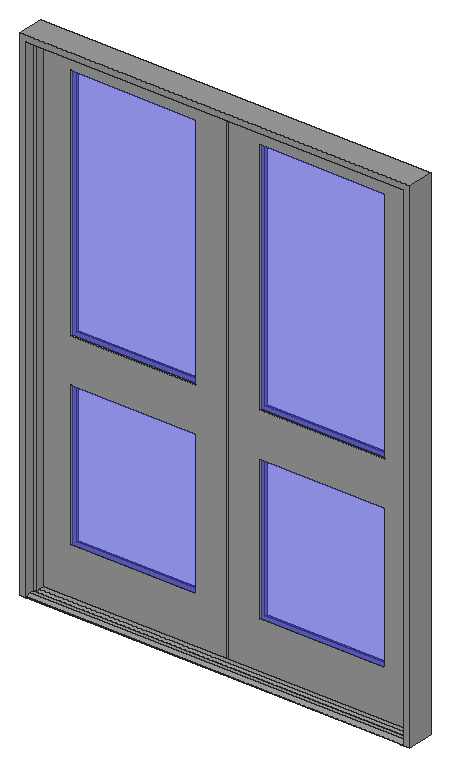
Revit family "WSD-500 DOOR-Double-1-PD-CW_v05", category Curtain Panels, Revit 2015
Parameters
  Width [instance] = 6' - 2"
  URL = "obe.com"
  Rough Width [instance] = 6' - 2 1/4"
  Panel Width [instance] = Min Panel Width  # 6' - 0"
  Panel Offset [instance] = 0' - 0"
  Offset [instance] = 0' - 1"
  Model = "WSD-500 DOOR"
  Min Rough Width [instance] = if(Rough Width > 6' 2 1/4", Rough Width, 6' 2 1/4")  # 6' - 2 1/4"
  Min Panel Width [instance] = if(Rough Width > 6' 2 1/4", Rough Width - 0' 2 1/4", 6' 0")  # 6' - 0"
  Manufacturer = "Oldcastle BuildingEnvelope®"
  Keynote = "08 11 00"
  Height [instance] = 8' - 0"
  Pushbar Height [instance] = 3' - 5 1/4"  # constant formula
  Glass Material = Glass
  Frame Material = Aluminum
  Door Panel Height [instance] = Height - 0' 0 3/4"  # 7' - 11 1/4"
  Description = "WSD-500 - 1\" Door Infill"
  Assembly Code = "B2030"
  Analytic Construction = "<None>"
  8 Muntin [instance] = not([6.5 Muntin])  # no
  6.5 Muntin [instance] = yes
Reference planes (in)
  plane 1 "Front": y = 0
  plane 2: z = 0
  plane 3 "Center (Left/Right)": x = 0
  plane 4 "Left": x = -37
  plane 5 "Right": x = 37
  plane 6 "Top": z = 96
  plane 7 "Offset": y = -1
  plane 8: y = -1.86965
  plane 9: y = -1.86965
  plane 10: x = -37.125
  plane 11: x = 37.125
Forms (in)
  Sweep 1, solid, material "Aluminum" <- "Frame Material"
    path origin (0, -1, 0) x (-1, 0, 0) y (0, 0, 1)
      loop
        line (37.125, 0) -> (37.125, 96)
    profile origin (-37.125, -1, 48) x (1, 0, 0) y (0, 1, 0)
      loop
        line (1.125, -1.8814) -> (1.125, 0) -> (0, 0) -> (0, -5) -> (1.125, -5) -> (1.125, -3.2564) -> (1.875, -3.2564) -> (1.875, -1.8814) -> (1.125, -1.8814)
  Sweep 2, solid, material "Aluminum" <- "Frame Material"
    path origin (0, -1, 0) x (-1, 0, 0) y (0, 0, 1)
      loop
        line (-37.125, 0) -> (-37.125, 96)
    profile origin (37.125, -1, 48) x (1, 0, 0) y (0, 1, 0)
      loop
        line (-1.125, -1.8814) -> (-1.875, -1.8814) -> (-1.875, -3.2564) -> (-1.125, -3.2564) -> (-1.125, -5) -> (0, -5) -> (0, 0) -> (-1.125, 0) -> (-1.125, -1.8814)
  Sweep 3, solid, material "Aluminum" <- "Frame Material"
    path origin (0, -1, 0) x (-1, 0, 0) y (0, 0, 1)
      loop
        line (-37.125, 96) -> (37.125, 96)
    profile origin (0, -1, 96) x (0, 0, 1) y (0, 1, 0)
      loop
        line (-1.125, 0) -> (-1.125, -1.875) -> (-1.625, -1.875) -> (-1.625, -3.24) -> (-1.125, -3.24) -> (-1.125, -5) -> (0, -5) -> (0, 0) -> (-1.125, 0)
Cuts and joins
  joined: Sweep 1, Sweep 2, Sweep 3
Text (in)
  text "Exterior" at (-54.29358, 31.38743, 0), in view "Ref. Level"
  text "Exterior" at (480, 41.53993, 89.60405), in view "Right"
  text "Exterior" at (-240, 57.82419, 105.78864), in view "Left"
Dimensions and locks (in)
  equal spacing: plane 4 "Left", plane 3 "Center (Left/Right)", plane 5 "Right"
  "Width": plane 4 "Left" to plane 5 "Right"
  "Height": plane 6 "Top" to plane 2
  "Offset": plane 1 "Front" to plane 7 "Offset"
  locked: plane 7 "Offset" to plane 8 at 0.86965
  locked: plane 7 "Offset" to plane 9 at 0.86965
  equal spacing: plane 10, plane 3 "Center (Left/Right)", plane 11
  "Min Rough Width": plane 10 to plane 11
  aligned and locked: level to plane 2
  aligned and locked: plane 6 "Top" to Sweep 1 sketch curve
  aligned and locked: level to Sweep 1 sketch curve
  aligned and locked: plane 6 "Top" to Sweep 2 sketch curve
  aligned and locked: level to Sweep 2 sketch curve
  aligned and locked: plane 3 "Center (Left/Right)" to nested 1
  aligned and locked: plane 6 "Top" to Sweep 3 sketch curve
  aligned and locked: Sweep 1 sketch curve to plane 10
  aligned and locked: plane 11 to Sweep 2 sketch curve
  aligned and locked: plane 11 to Sweep 3 sketch curve
  aligned and locked: plane 10 to Sweep 3 sketch curve
  aligned and locked: nested 1 to plane 7 "Offset"
Automatic sketch dimensions
  Sweep 1 sketch curve to profile plane = 0' - 0"
  Sweep 1 sketch curve to plane 7 "Offset" = 0' - 0"
  Sweep 1 sketch curve to profile plane = 0' - 1 1/8"  (x2)
  Sweep 1 sketch curve to Sweep 1 sketch curve = 0' - 0 3/4"
  Sweep 1 sketch curve to plane 7 "Offset" = 0' - 1.8814"
  Sweep 1 sketch curve to Sweep 1 sketch curve = 0' - 1 3/8"
  Sweep 1 sketch curve to Sweep 1 sketch curve = 0' - 1.7436"
  Sweep 2 sketch curve to plane 7 "Offset" = 0' - 0"
  Sweep 2 sketch curve to profile plane = 0' - 0"
  profile plane to Sweep 2 sketch curve = 0' - 1 1/8"
  Sweep 2 sketch curve to Sweep 2 sketch curve = 0' - 1 1/8"
  Sweep 2 sketch curve to Sweep 2 sketch curve = 0' - 0 3/4"
  Sweep 2 sketch curve to plane 7 "Offset" = 0' - 1.8814"
  Sweep 2 sketch curve to Sweep 2 sketch curve = 0' - 1 3/8"
  Sweep 2 sketch curve to Sweep 2 sketch curve = 0' - 1.7436"
  Sweep 3 sketch curve to plane 7 "Offset" = 0' - 0"
  profile plane to Sweep 3 sketch curve = 0' - 0"
  profile plane to Sweep 3 sketch curve = 0' - 1 1/8"
  Sweep 3 sketch curve to plane 7 "Offset" = 0' - 1 7/8"
  Sweep 3 sketch curve to Sweep 3 sketch curve = 0' - 0 1/2"  (x2)
  Sweep 3 sketch curve to Sweep 3 sketch curve = 0' - 1.365"
  Sweep 3 sketch curve to Sweep 3 sketch curve = 0' - 1.76"
Nested families (in)
  nested 1: "WSD-500 DOOR-Double-1-PD-Panel_v05" at (0, -16, 0), Frame Material <- "Frame Material", Glass Material <- "Glass Material", 6.5 Muntin <- "6.5 Muntin", 8 Muntin <- "8 Muntin", Height <- "Door Panel Height", Width <- "Min Panel Width", Offset <- "Offset", type "WSD-500 DOOR-Double-1-PD-Panel"
    with Wing Width 3' - 0", built-in parameter 1001301 6' - 0", Pushbar Height 3' - 5 1/4", Offset 0' - 1", built-in parameter 1001300 7' - 11 1/4", Glass at Muntin 0' - 6 15/16", Glass Material Glass, Frame Material Aluminum, 8 Muntin no, 6.5 Muntin yes
Definition of nested family "WSD-500 DOOR-Double-1-PD-Panel_v05"
  Parameters (values of type "WSD-500 DOOR-Double-1-PD-Panel")
    Wing Width [instance] = Width / 2  # 3' - 0"
    Width [instance] = 6' - 0"
    Pushbar Height [instance] = 3' - 5 1/4"  # constant formula
    Offset [instance] = 0' - 1"
    Height [instance] = 8' - 0"
    Glass at Muntin [instance] = if([6.5 Muntin], 0' 6 15/16", 0' 8 7/16")  # 0' - 6 15/16"
    Glass Material [instance] = none
    Frame Material [instance] = none
    Analytic Construction = "<None>"
    8 Muntin [instance] = not([6.5 Muntin])  # no
    6.5 Muntin [instance] = yes
  Reference planes (in)
    plane 1 "00": y = 13.90625
    plane 2: z = 0
    plane 3 "Center (Left/Right)": x = 0
    plane 4: z = 96
    plane 5: x = -36
    plane 6: x = 36
    plane 7 "Center (Front/Back)": y = 16
    plane 8 "Exterior": y = 14.40625
    plane 9: z = 48
    plane 10: z = 8.90625
    plane 11: z = 44.71875
    plane 12: z = 37.78125
    plane 13: z = 92.281
    plane 14: z = 0
    plane 15: x = -30.68725
    plane 16: x = 30.68725
    plane 17 "Offset": y = 15
    plane 18: z = 41.25
  Forms (in)
    Sweep 1, solid, material <- "Frame Material"
      path origin (0, 13.90625, 0) x (1, 0, 0) y (0, 0, 1)
        loop
          line (-35.79725, 96) -> (-0.22003, 96)
      profile origin (-18.00864, 13.90625, 96) x (0, 0, 1) y (0, -1, 0)
        loop
          line (-0.375, -0.957) -> (-0.375, 0.793) -> (-4.5, 0.793) -> (-4.5, 0.5) -> (-3.719, 0.5) -> (-3.719, -0.5) -> (-4.5, -0.5) -> (-4.5, -0.957) -> (-0.375, -0.957)
    Sweep 2, solid, material <- "Frame Material"
      path origin (0, 13.90625, 0) x (1, 0, 0) y (0, 0, 1)
        loop
          line (-0.22003, 0) -> (-35.79725, 0)
      profile origin (-18.00864, 13.90625, 0) x (0, 0, -1) y (0, -1, 0)
        loop
          line (-9.6875, 0.793) -> (-9.6875, 0.5) -> (-8.9065, 0.5) -> (-8.9065, -0.5) -> (-9.6875, -0.5) -> (-9.6875, -0.957) -> (-0.6875, -0.957) -> (-0.6875, 0.793) -> (-9.6875, 0.793)
    Sweep 3, solid, material <- "Frame Material"
      path origin (0, 13.90625, 0) x (1, 0, 0) y (0, 0, 1)
        loop
          line (36, 95.625) -> (36, 0.6875)
      profile origin (36, 13.90625, 48.15625) x (0, -1, 0) y (1, 0, 0)
        loop
          line (-0.957, -0.09375) -> (-0.957, -6.09375) -> (-0.5, -6.09375) -> (-0.5, -5.31275) -> (0.5, -5.31275) -> (0.5, -6.09375) -> (0.793, -6.09375) -> (0.793, -0.20275) -> (-0.957, -0.09375)
    Sweep 4, solid, material <- "Frame Material"
      path origin (0, 13.90625, 0) x (1, 0, 0) y (0, 0, 1)
        loop
          line (-36, 95.625) -> (-36, 0.6875)
      profile origin (-36, 13.90625, 48.15625) x (0, -1, 0) y (1, 0, 0)
        loop
          line (0.793, 6.09375) -> (0.5, 6.09375) -> (0.5, 5.31275) -> (-0.5, 5.31275) -> (-0.5, 6.09375) -> (-0.957, 6.09375) -> (-0.957, 0.09375) -> (0.793, 0.20275) -> (0.793, 6.09375)
    Sweep 5, solid, material <- "Frame Material"
      path origin (0, 13.90625, 0) x (1, 0, 0) y (0, 0, 1)
        loop
          line (-0.22003, 48) -> (-35.79725, 48)
      profile origin (-18.00864, 13.90625, 48) x (0, 0, -1) y (0, -1, 0)
        loop
          line (2.50025, -0.5) -> (2.50025, -0.957) -> (11.00025, -0.957) -> (11.00025, -0.5) -> (10.21875, -0.5) -> (10.21875, 0.5) -> (11.00025, 0.5) -> (11.00025, 0.793) -> (2.50025, 0.793) -> (2.50025, 0.5) -> (3.28125, 0.5) -> (3.28125, -0.5) -> (2.50025, -0.5)
    Sweep 6, solid, material <- "Frame Material"
      path origin (0, 13.90625, 0) x (1, 0, 0) y (0, 0, 1)
        loop
          line (0, 95.625) -> (0, 0.6875)
      profile origin (0, 13.90625, 48.15625) x (0, -1, 0) y (1, 0, 0)
        loop
          line (-0.957, -6.0625) -> (-0.5, -6.0625) -> (-0.5, -5.2815) -> (0.5, -5.2815) -> (0.5, -6.0625) -> (0.793, -6.0625) -> (0.793, -0.22003)
          arc (0.793, -0.22003) -> (-0.082, -0.06251) -> (-0.957, -0.22003) r 2.50889
          line (-0.957, -0.22003) -> (-0.957, -6.0625)
        loop
          line (0.793, 0.22063) -> (0.793, 6.0625) -> (0.5, 6.0625) -> (0.5, 5.2815) -> (-0.5, 5.2815) -> (-0.5, 6.0625) -> (-0.957, 6.0625) -> (-0.957, 0.22063)
          arc (-0.957, 0.22063) -> (-0.082, 0.06251) -> (0.793, 0.22063) r 2.5
    Sweep 7, solid, material <- "Frame Material"
      path origin (0, 13.90625, 0) x (1, 0, 0) y (0, 0, 1)
        loop
          line (0.22063, 96) -> (35.79725, 96)
      profile origin (18.00894, 13.90625, 96) x (0, 0, 1) y (0, -1, 0)
        loop
          line (-4.5, -0.957) -> (-0.375, -0.957) -> (-0.375, 0.793) -> (-4.5, 0.793) -> (-4.5, 0.5) -> (-3.719, 0.5) -> (-3.719, -0.5) -> (-4.5, -0.5) -> (-4.5, -0.957)
    Sweep 8, solid, material <- "Frame Material"
      path origin (0, 13.90625, 0) x (1, 0, 0) y (0, 0, 1)
        loop
          line (35.79725, 48) -> (0.22063, 48)
      profile origin (18.00894, 13.90625, 48) x (0, 0, -1) y (0, -1, 0)
        loop
          line (2.50025, 0.5) -> (3.28125, 0.5) -> (3.28125, -0.5) -> (2.50025, -0.5) -> (2.50025, -0.957) -> (11.00025, -0.957) -> (11.00025, -0.5) -> (10.21875, -0.5) -> (10.21875, 0.5) -> (11.00025, 0.5) -> (11.00025, 0.793) -> (2.50025, 0.793) -> (2.50025, 0.5)
    Sweep 9, solid, material <- "Frame Material"
      path origin (0, 13.90625, 0) x (1, 0, 0) y (0, 0, 1)
        loop
          line (35.79725, 0) -> (0.22063, 0)
      profile origin (18.00894, 13.90625, 0) x (0, 0, -1) y (0, -1, 0)
        loop
          line (-0.6875, -0.957) -> (-0.6875, 0.793) -> (-9.6875, 0.793) -> (-9.6875, 0.5) -> (-8.90625, 0.5) -> (-8.90625, -0.5) -> (-9.6875, -0.5) -> (-9.6875, -0.957) -> (-0.6875, -0.957)
    Extrusion 10, solid, material <- "Glass Material", detail levels coarse
      sketch origin (0, 0, 0) x (1, 0, 0) y (0, 1, 0)
        loop
          line (5.2815, 14.40625) -> (5.2815, 13.40625) -> (30.68725, 13.40625) -> (30.68725, 14.40625) -> (5.2815, 14.40625)
      from 37.78125 to 8.90625
    Extrusion 11, solid, material <- "Glass Material", detail levels medium+fine
      sketch origin (0, 0, 0) x (1, 0, 0) y (0, 1, 0)
        loop
          line (5.2815, 14.40625) -> (5.2815, 14.20625) -> (30.68725, 14.20625) -> (30.68725, 14.40625) -> (5.2815, 14.40625)
        loop
          line (30.68725, 13.83625) -> (5.2815, 13.83625) -> (5.2815, 13.63625) -> (30.68725, 13.63625) -> (30.68725, 13.83625)
        loop
          line (5.2815, 13.60625) -> (5.2815, 13.40625) -> (30.68725, 13.40625) -> (30.68725, 13.60625) -> (5.2815, 13.60625)
      from 8.90625 to 37.78125
    Extrusion 12, solid, material <- "Glass Material", detail levels medium+fine
      sketch origin (0, 0, 0) x (1, 0, 0) y (0, 1, 0)
        loop
          line (30.68725, 14.40625) -> (5.2815, 14.40625) -> (5.2815, 14.20625) -> (30.68725, 14.20625) -> (30.68725, 14.40625)
        loop
          line (5.2815, 13.83625) -> (5.2815, 13.63625) -> (30.68725, 13.63625) -> (30.68725, 13.83625) -> (5.2815, 13.83625)
        loop
          line (30.68725, 13.60625) -> (5.2815, 13.60625) -> (5.2815, 13.40625) -> (30.68725, 13.40625) -> (30.68725, 13.60625)
      from 44.71875 to 92.281
    Extrusion 13, solid, material <- "Glass Material", detail levels coarse
      sketch origin (0, 0, 0) x (1, 0, 0) y (0, 1, 0)
        loop
          line (5.2815, 14.40625) -> (5.2815, 13.40625) -> (30.68725, 13.40625) -> (30.68725, 14.40625) -> (5.2815, 14.40625)
      from 44.71875 to 92.281
    Extrusion 14, solid, material <- "Glass Material", detail levels medium+fine
      sketch origin (0, 0, 0) x (1, 0, 0) y (0, 1, 0)
        loop
          line (-5.2815, 14.40625) -> (-30.68725, 14.40625) -> (-30.68725, 14.1875) -> (-5.2815, 14.1875) -> (-5.2815, 14.40625)
        loop
          line (-30.68725, 13.83625) -> (-30.68725, 13.63625) -> (-5.2815, 13.63625) -> (-5.2815, 13.83625) -> (-30.68725, 13.83625)
        loop
          line (-5.2815, 13.60625) -> (-30.68725, 13.60625) -> (-30.68725, 13.40625) -> (-5.2815, 13.40625) -> (-5.2815, 13.60625)
      from 8.90625 to 37.78125
    Extrusion 15, solid, material <- "Glass Material", detail levels coarse
      sketch origin (0, 0, 0) x (1, 0, 0) y (0, 1, 0)
        loop
          line (-5.2815, 14.40625) -> (-30.68725, 14.40625) -> (-30.68725, 13.40625) -> (-5.2815, 13.40625) -> (-5.2815, 14.40625)
      from 44.71875 to 92.281
    Extrusion 16, solid, material <- "Glass Material", detail levels coarse
      sketch origin (0, 0, 0) x (1, 0, 0) y (0, 1, 0)
        loop
          line (-30.68725, 14.40625) -> (-30.68725, 13.40625) -> (-5.2815, 13.40625) -> (-5.2815, 14.40625) -> (-30.68725, 14.40625)
      from 8.90625 to 37.78125
    Extrusion 17, solid, material <- "Glass Material", detail levels medium+fine
      sketch origin (0, 0, 0) x (1, 0, 0) y (0, 1, 0)
        loop
          line (-30.68725, 13.40625) -> (-5.2815, 13.40625) -> (-5.2815, 13.60625) -> (-30.68725, 13.60625) -> (-30.68725, 13.40625)
        loop
          line (-5.2815, 13.63625) -> (-5.2815, 13.83625) -> (-30.68725, 13.83625) -> (-30.68725, 13.63625) -> (-5.2815, 13.63625)
        loop
          line (-30.68725, 14.20625) -> (-5.2815, 14.20625) -> (-5.2815, 14.40625) -> (-30.68725, 14.40625) -> (-30.68725, 14.20625)
      from 44.71875 to 92.281
    Sweep 18, solid, material <- "Frame Material"
      path origin (0, 15, 0) x (1, 0, 0) y (0, 0, 1)
        loop
          line (35.79725, 0) -> (-35.79725, 0)
      profile origin (0, 15, 0) x (0, 0, -1) y (0, -1, 0)
        loop
          line (-0.844, 2.90525) -> (-0.844, 1.91025) -> (-0.5, 1.91025) -> (-0.5, 0.13675) -> (-0.125, -0.61325) -> (0, -0.61325) -> (0, 5.01175) -> (-0.125, 5.01175) -> (-0.5, 4.26175) -> (-0.5, 3.39425) -> (-0.562, 3.39425) -> (-0.844, 2.90525)
  Cuts and joins
    joined: Sweep 1, Sweep 2, Sweep 3, Sweep 4, Sweep 5, Sweep 6, Sweep 7, Sweep 8, Sweep 9
  Lines and regions (in)
    model lines
      curve 1: line (4.59371, 14.40625, 91.871) -> (30.27725, 14.40625, 48)
      curve 2: line (30.27725, 14.40625, 48) -> (4.59371, 14.40625, 9.4375)
      curve 3: line (-4.5985, 14.40625, 91.88597) -> (-30.27725, 14.40625, 48)
      curve 4: line (-30.27725, 14.40625, 48) -> (-4.5985, 14.40625, 9.4375)
  Dimensions and locks (in)
    "Height": plane 4 to level
    equal spacing: plane 5, plane 3 "Center (Left/Right)", plane 6
    "Offset": plane 17 "Offset" to plane 7 "Center (Front/Back)"
    equal spacing: level, plane 9, plane 4
    locked: Sweep 4 sketch curve to plane 4 at 0.375
    equal spacing: plane 4, plane 9, plane 14
    locked: plane 4 to plane 13 at 3.719
    locked: plane 10 to plane 14 at 8.90625
    locked: plane 5 to plane 15 at 5.31275
    locked: plane 16 to plane 6 at 5.31275
    "Width": plane 5 to plane 6
    plane 1 "00" to plane 8 "Exterior" to plane 17 "Offset" = 0' - 0 1/2" locked, 0' - 0 19/32" locked
    locked: plane 12 to Sweep 8 sketch curve at 0.7815  (x2)
    locked: Sweep 8 sketch curve to plane 11 at 0.781
    locked: plane 11 to Sweep 8 sketch curve at 0.781
    locked: plane 12 to Sweep 5 sketch curve at 0.7815  (x2)
    locked: Sweep 5 sketch curve to plane 11 at 0.781  (x2)
    "Glass at Muntin": plane 11 to plane 12
    equal spacing: plane 11, plane 18, plane 12
    "Pushbar Height": plane 18 to plane 14
    Extrusion 12 sketch curve to Extrusion 12 sketch curve to Extrusion 12 sketch curve to Extrusion 12 sketch curve to Extrusion 12 sketch curve to Extrusion 12 sketch curve to plane 17 "Offset" = 0' - 0.2" locked, 0' - 0.03" locked, 0' - 0.2" locked, 0' - 0.37" locked, 0' - 0.2" locked, 0' - 0 19/32" locked
    Extrusion 13 sketch curve to Extrusion 13 sketch curve to plane 17 "Offset" = 0' - 1" locked, 0' - 0 19/32" locked
    Extrusion 11 sketch curve to Extrusion 11 sketch curve to Extrusion 11 sketch curve to Extrusion 11 sketch curve to Extrusion 11 sketch curve to Extrusion 11 sketch curve to plane 17 "Offset" = 0' - 0.2" locked, 0' - 0.03" locked, 0' - 0.2" locked, 0' - 0.37" locked, 0' - 0.2" locked, 0' - 0 19/32" locked
    Extrusion 10 sketch curve to Extrusion 10 sketch curve to plane 17 "Offset" = 0' - 1" locked, 0' - 0 19/32" locked
    Extrusion 14 sketch curve to Extrusion 14 sketch curve to Extrusion 14 sketch curve to Extrusion 14 sketch curve to Extrusion 14 sketch curve to Extrusion 14 sketch curve to plane 17 "Offset" = 0' - 0.2" locked, 0' - 0.03" locked, 0' - 0.2" locked, 0' - 0.35125" locked, 0' - 0 7/32" locked, 0' - 0 19/32" locked
    Extrusion 16 sketch curve to Extrusion 16 sketch curve to plane 17 "Offset" = 0' - 1" locked, 0' - 0 19/32" locked
    Extrusion 15 sketch curve to Extrusion 15 sketch curve to plane 17 "Offset" = 0' - 1" locked, 0' - 0 19/32" locked
    Extrusion 17 sketch curve to Extrusion 17 sketch curve to Extrusion 17 sketch curve to Extrusion 17 sketch curve to Extrusion 17 sketch curve to Extrusion 17 sketch curve to plane 17 "Offset" = 0' - 0.2" locked, 0' - 0.03" locked, 0' - 0.2" locked, 0' - 0.37" locked, 0' - 0.2" locked, 0' - 0 19/32" locked
    locked: plane 14 to Sweep 6 sketch curve at 0.6875
    locked: plane 14 to Sweep 4 sketch curve at 0.6875
    aligned and locked: plane 2 to level
    aligned and locked: Sweep 1 sketch curve to plane 4
    aligned and locked: Sweep 2 sketch curve to level
    aligned and locked: Sweep 5 sketch curve to plane 9
    aligned and locked: plane 3 "Center (Left/Right)" to Sweep 6 sketch curve
    aligned and locked: Sweep 9 sketch curve to level
    aligned and locked: Sweep 8 sketch curve to plane 9
    aligned and locked: plane 4 to Sweep 7 sketch curve
    aligned and locked: Extrusion 14 to plane 10
    aligned and locked: plane 12 to Extrusion 14
    aligned and locked: Extrusion 15 to plane 11
    aligned and locked: plane 13 to Extrusion 15
    aligned and locked: Extrusion 17 to plane 11
    aligned and locked: plane 13 to Extrusion 17
    aligned and locked: Extrusion 16 to plane 10
    aligned and locked: plane 12 to Extrusion 16
    aligned and locked: Extrusion 12 to plane 11
    aligned and locked: plane 13 to Extrusion 12
    aligned and locked: plane 13 to Extrusion 13
    aligned and locked: Extrusion 13 to plane 11
    aligned and locked: plane 12 to Extrusion 10
    aligned and locked: plane 12 to Extrusion 11
    aligned and locked: Extrusion 11 to plane 10
    aligned and locked: Extrusion 10 to plane 10
    aligned and locked: plane 9 to curve 4
    aligned and locked: Sweep 3 sketch curve to plane 6
    aligned and locked: Sweep 4 sketch curve to plane 5
    aligned and locked: Sweep 18 sketch curve to plane 14
    aligned and locked: Sweep 3 sketch curve to Sweep 3 sketch curve
    aligned and locked: curve 1 to Sweep 3 sketch curve
    aligned and locked: Sweep 4 sketch curve to Sweep 4 sketch curve
    aligned and locked: curve 3 to Sweep 4 sketch curve
    aligned and locked: Sweep 18 sketch curve to cut or joined group of Sweep 1, Sweep 2, Sweep 3, Sweep 4, Sweep 5, Sweep 6, Sweep 7, Sweep 8, Sweep 9
    aligned and locked: Sweep 7 sketch curve to cut or joined group of Sweep 1, Sweep 2, Sweep 3, Sweep 4, Sweep 5, Sweep 6, Sweep 7, Sweep 8, Sweep 9
    aligned and locked: Sweep 6 sketch curve to cut or joined group of Sweep 1, Sweep 2, Sweep 3, Sweep 4, Sweep 5, Sweep 6, Sweep 7, Sweep 8, Sweep 9
    aligned and locked: Extrusion 11 sketch curve to cut or joined group of Sweep 1, Sweep 2, Sweep 3, Sweep 4, Sweep 5, Sweep 6, Sweep 7, Sweep 8, Sweep 9
    aligned and locked: Extrusion 11 sketch curve to Extrusion 11 sketch curve  (x2)
    aligned and locked: Extrusion 10 sketch curve to cut or joined group of Sweep 1, Sweep 2, Sweep 3, Sweep 4, Sweep 5, Sweep 6, Sweep 7, Sweep 8, Sweep 9
    aligned and locked: Extrusion 13 sketch curve to cut or joined group of Sweep 1, Sweep 2, Sweep 3, Sweep 4, Sweep 5, Sweep 6, Sweep 7, Sweep 8, Sweep 9
    aligned and locked: cut or joined group of Sweep 1, Sweep 2, Sweep 3, Sweep 4, Sweep 5, Sweep 6, Sweep 7, Sweep 8, Sweep 9 to Extrusion 13 sketch curve
    aligned and locked: Extrusion 12 sketch curve to cut or joined group of Sweep 1, Sweep 2, Sweep 3, Sweep 4, Sweep 5, Sweep 6, Sweep 7, Sweep 8, Sweep 9
    aligned and locked: Extrusion 12 sketch curve to Extrusion 12 sketch curve
    aligned and locked: Extrusion 12 sketch curve to Extrusion 11  (x2)
    aligned and locked: Extrusion 17 sketch curve to cut or joined group of Sweep 1, Sweep 2, Sweep 3, Sweep 4, Sweep 5, Sweep 6, Sweep 7, Sweep 8, Sweep 9
    aligned and locked: Extrusion 17 sketch curve to Extrusion 17 sketch curve  (x2)
    aligned and locked: Extrusion 15 sketch curve to cut or joined group of Sweep 1, Sweep 2, Sweep 3, Sweep 4, Sweep 5, Sweep 6, Sweep 7, Sweep 8, Sweep 9
    aligned and locked: Extrusion 16 sketch curve to Extrusion 15
    aligned and locked: Extrusion 14 sketch curve to cut or joined group of Sweep 1, Sweep 2, Sweep 3, Sweep 4, Sweep 5, Sweep 6, Sweep 7, Sweep 8, Sweep 9
    aligned and locked: Extrusion 14 sketch curve to Extrusion 14 sketch curve  (x2)
  Automatic sketch dimensions
    curve 2 to plane 9 = 0' - 0"
    plane 15 to curve 3 = 0' - 0.41"
    plane 10 to curve 4 = 0' - 0 17/32"
    plane 10 to curve 2 = 0' - 0 17/32"
    curve 1 to plane 13 = 0' - 0.41"
    curve 3 to plane 13 = 0' - 0.39503"
    plane 16 to curve 2 = 0' - 0.41"
    curve 3 to plane 3 "Center (Left/Right)" = 0' - 4.5985"
    curve 4 to plane 3 "Center (Left/Right)" = 0' - 4.5985"
    plane 3 "Center (Left/Right)" to curve 2 = 0' - 4.59371"
    plane 3 "Center (Left/Right)" to curve 1 = 0' - 4.59371"
    Sweep 5 sketch curve to plane 1 "00" = 0' - 0.957"
    Sweep 5 sketch curve to plane 1 "00" = 0' - 0 1/2"  (x2)
    plane 1 "00" to Sweep 5 sketch curve = 0' - 0 1/2"  (x2)
    Sweep 5 sketch curve to Sweep 5 sketch curve = 0' - 0.7815"
    Sweep 5 sketch curve to Sweep 5 sketch curve = 0' - 0.781"
    Sweep 5 sketch curve to Sweep 5 sketch curve = 0' - 0.293"
    Sweep 6 sketch curve to plane 1 "00" = 0' - 0.957"
    Sweep 6 sketch curve to Sweep 6 sketch curve = 0' - 0"  (x2)
    Sweep 6 sketch curve to plane 1 "00" = 0' - 0 1/2"  (x2)
    Sweep 6 sketch curve to plane 1 "00" = 0' - 0.082"  (x2)
    plane 1 "00" to Sweep 6 sketch curve = 0' - 0 1/2"  (x2)
    profile plane to Sweep 6 sketch curve = 0' - 0.22003"
    plane 1 "00" to Sweep 6 sketch curve = 0' - 0.793"
    Sweep 6 sketch curve to profile plane = 0' - 0.22063"
    Sweep 6 sketch curve to Sweep 6 sketch curve = 0' - 2.35137"
    Sweep 6 sketch curve to Sweep 6 sketch curve = 0' - 2.7101"
    Sweep 6 sketch curve to Sweep 6 sketch curve = 0' - 0.781"  (x4)
    Sweep 6 sketch curve to Sweep 6 sketch curve = 0' - 2.34187"
    Sweep 6 sketch curve to Sweep 6 sketch curve = 0' - 2.71899"
    Sweep 9 sketch curve to plane 1 "00" = 0' - 0 1/2"
    Sweep 9 sketch curve to Sweep 9 sketch curve = 0' - 8 7/32"
    Sweep 9 sketch curve to Sweep 9 sketch curve = 0' - 0 25/32"  (x2)
    plane 1 "00" to Sweep 9 sketch curve = 0' - 0 1/2"
    Sweep 9 sketch curve to Sweep 9 sketch curve = 0' - 0.293"
    Sweep 1 sketch curve to plane 1 "00" = 0' - 0.957"
    profile plane to Sweep 1 sketch curve = 0' - 4 1/2"
    Sweep 1 sketch curve to Sweep 1 sketch curve = 0' - 0"
    Sweep 1 sketch curve to Sweep 1 sketch curve = 0' - 0.781"
    profile plane to Sweep 1 sketch curve = 0' - 0 3/8"
    Sweep 1 sketch curve to Sweep 1 sketch curve = 0' - 0.457"
    plane 1 "00" to Sweep 1 sketch curve = 0' - 0 1/2"
    plane 1 "00" to Sweep 1 sketch curve = 0' - 0.793"
    plane 1 "00" to Sweep 2 sketch curve = 0' - 0.793"
    Sweep 2 sketch curve to Sweep 2 sketch curve = 0' - 0"
    Sweep 2 sketch curve to Sweep 2 sketch curve = 0' - 0.457"
    Sweep 2 sketch curve to Sweep 2 sketch curve = 0' - 0.781"
    Sweep 2 sketch curve to Sweep 2 sketch curve = 0' - 0.293"
    Sweep 8 sketch curve to Sweep 8 sketch curve = 0' - 0.781"
    Sweep 8 sketch curve to Sweep 8 sketch curve = 0' - 0.7815"
    Sweep 8 sketch curve to plane 1 "00" = 0' - 0.957"
    Sweep 8 sketch curve to plane 1 "00" = 0' - 0 1/2"  (x2)
    plane 1 "00" to Sweep 8 sketch curve = 0' - 0 1/2"  (x2)
    Sweep 8 sketch curve to Sweep 8 sketch curve = 0' - 0.293"
    Sweep 2 sketch curve to plane 1 "00" = 0' - 0.957"
    profile plane to Sweep 2 sketch curve = 0' - 9 11/16"
    profile plane to Sweep 2 sketch curve = 0' - 0 11/16"
    profile plane to Sweep 9 sketch curve = 0' - 9 11/16"
    Sweep 9 sketch curve to plane 1 "00" = 0' - 0.957"
    Sweep 18 sketch curve to Sweep 18 sketch curve = 0' - 0.995"
    Sweep 18 sketch curve to Sweep 18 sketch curve = 0' - 0.489"
    Sweep 18 sketch curve to Sweep 18 sketch curve = 0' - 0.344"
    profile plane to Sweep 18 sketch curve = 0' - 0 1/2"  (x2)
    Sweep 18 sketch curve to Sweep 18 sketch curve = 0' - 1.7735"
    Sweep 18 sketch curve to Sweep 18 sketch curve = 0' - 0.8675"
    Sweep 18 sketch curve to profile plane = 0' - 0"
    plane 17 "Offset" to Sweep 18 sketch curve = 0' - 0.13675"
    profile plane to Sweep 18 sketch curve = 0' - 0 1/8"  (x2)
    Sweep 18 sketch curve to plane 17 "Offset" = 0' - 0.61325"
    Sweep 18 sketch curve to Sweep 18 sketch curve = 0' - 0 3/4"
    Sweep 18 sketch curve to Sweep 18 sketch curve = 0' - 0.062"
    profile plane to Sweep 3 sketch curve = 0' - 0 3/32"
    profile plane to Sweep 3 sketch curve = 0' - 0.20275"
    Sweep 4 sketch curve to Sweep 4 sketch curve = 0' - 0.293"
    plane 3 "Center (Left/Right)" to Sweep 9 sketch curve = 0' - 0.22063"
    Sweep 9 sketch curve to plane 6 = 0' - 0.20275"
    plane 3 "Center (Left/Right)" to Sweep 8 sketch curve = 0' - 0.22063"
    Sweep 8 sketch curve to plane 6 = 0' - 0.20275"
    plane 3 "Center (Left/Right)" to Sweep 7 sketch curve = 0' - 0.22063"
    Sweep 7 sketch curve to plane 6 = 0' - 0.20275"
    Sweep 7 sketch curve to plane 1 "00" = 0' - 0.957"
    profile plane to Sweep 7 sketch curve = 0' - 4 1/2"
    Sweep 7 sketch curve to Sweep 7 sketch curve = 0' - 0"
    Sweep 7 sketch curve to Sweep 7 sketch curve = 0' - 0.781"
    Sweep 7 sketch curve to Sweep 7 sketch curve = 0' - 0.457"
    plane 1 "00" to Sweep 7 sketch curve = 0' - 0 1/2"
    Sweep 7 sketch curve to Sweep 7 sketch curve = 0' - 0.293"
    level to Sweep 3 sketch curve = 0' - 0 11/16"
    Sweep 3 sketch curve to plane 4 = 0' - 0 3/8"
    plane 5 to Sweep 1 sketch curve = 0' - 0.20275"
    Sweep 1 sketch curve to plane 3 "Center (Left/Right)" = 0' - 0.22003"
    plane 5 to Sweep 18 sketch curve = 0' - 0.20275"
    plane 5 to Sweep 5 sketch curve = 0' - 0.20275"
    Sweep 5 sketch curve to plane 3 "Center (Left/Right)" = 0' - 0.22003"
    plane 5 to Sweep 2 sketch curve = 0' - 0.20275"
    Sweep 2 sketch curve to plane 3 "Center (Left/Right)" = 0' - 0.22003"
    plane 3 "Center (Left/Right)" to Extrusion 11 sketch curve = 0' - 5.2815"
    Extrusion 11 sketch curve to Extrusion 11 sketch curve = 0' - 0"  (x2)
    plane 3 "Center (Left/Right)" to Extrusion 10 sketch curve = 0' - 5.2815"
    plane 3 "Center (Left/Right)" to Extrusion 12 sketch curve = 0' - 5.2815"
    Extrusion 12 sketch curve to Extrusion 12 sketch curve = 0' - 0"  (x2)
    Extrusion 17 sketch curve to plane 3 "Center (Left/Right)" = 0' - 5.2815"
    Extrusion 17 sketch curve to Extrusion 17 sketch curve = 0' - 0"  (x2)
    Extrusion 15 sketch curve to plane 3 "Center (Left/Right)" = 0' - 5.2815"
    Extrusion 16 sketch curve to plane 3 "Center (Left/Right)" = 0' - 5.2815"
    Extrusion 14 sketch curve to plane 3 "Center (Left/Right)" = 0' - 5.2815"
    Extrusion 14 sketch curve to Extrusion 14 sketch curve = 0' - 0"  (x2)
    Sweep 3 sketch curve to plane 1 "00" = 0' - 0.957"
    plane 1 "00" to Sweep 3 sketch curve = 0' - 0 1/2"
    plane 1 "00" to Sweep 3 sketch curve = 0' - 0.793"
    Sweep 3 sketch curve to Sweep 3 sketch curve = 0' - 5.11"
    Sweep 3 sketch curve to Sweep 3 sketch curve = 0' - 0.781"
    Sweep 4 sketch curve to profile plane = 0' - 0 3/32"
    Sweep 4 sketch curve to plane 1 "00" = 0' - 0.957"
    plane 1 "00" to Sweep 4 sketch curve = 0' - 0 1/2"
    Sweep 4 sketch curve to profile plane = 0' - 0.20275"
    Sweep 4 sketch curve to Sweep 4 sketch curve = 0' - 5.219"
    Sweep 4 sketch curve to Sweep 4 sketch curve = 0' - 0.781"
